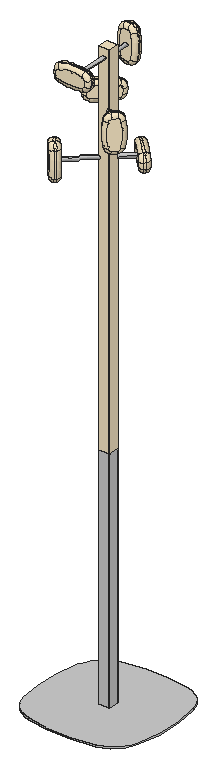
Revit family "Magnuson-Sherwood-CoatTrees+", category Furniture, Revit 2020
Family settings
  OmniClass Number = 23.40.20.00
  OmniClass Title = General Furniture and Specialties
  Work Plane-Based = No
  Always vertical = Yes
  Cut with Voids When Loaded = No
  Shared = No
  Room Calculation Point = No
Parameters (values of type "SW-B6")
  Width = 13 3/8"
  URL = "https://magnusongroup.com"
  Type Comments = "Coat Tree"  # constant formula
  Salvage or Reuse = yes
  Revit Model Built By = "https://servex-us.com/servex-revit/"
  Product Documentation Link = "https://magnusongroup.com/products/coattrees/sherwood.html"
  Post Wood Finish = MAG - wood
  Percentage of Recycled Content = 0
  Model = "SW-B6"
  Manufacturer = "Magnuson Group"  # constant formula
  Low Emitting Material = yes
  Low Emitting Finish = yes
  Keynote = "12500"
  Hook Finish = MAG - wood
  Height = 64 5/8"
  Description = "Coat tree with lower half of post and base in steel. Upper half of post in wood with 6 wood hooks. 64 5/8” x 13 3/8 x 13 3/8"
  Frame Finish = MAG - Steel Painted
  Depth = 13 3/8"
  Default Elevation = 0"
  Base Finish = MAG - Steel Painted
  Assembly Code = "E2020200"
Reference planes (in)
  plane 1 "Center (Front/Back)": y = 0.01377
  plane 2: z = 0
  plane 3 "Center (Left/Right)": x = 0
Forms (in)
  Extrusion 1, solid, material "MAG - Steel Painted" <- "Frame Finish"
    sketch origin (0, 0, 0) x (1, 0, 0) y (0, 1, 0)
      loop
        arc (-6.24942, 3.68324) -> (-6.69453, 0.04152) -> (-6.29416, -3.60539) r 15.91977
        arc (-6.29416, -3.60539) -> (-5.37582, -5.28112) -> (-3.71421, -6.22477) r 3.5
        arc (-3.71421, -6.22477) -> (-0.02758, -6.68077) -> (3.66437, -6.26998) r 15.91977
        arc (3.66437, -6.26998) -> (5.349, -5.33523) -> (6.28375, -3.6506) r 3.5
        arc (6.28375, -3.6506) -> (6.69453, 0.04134) -> (6.23854, 3.72797) r 15.91977
        arc (6.23854, 3.72797) -> (5.29489, 5.38959) -> (3.61916, 6.30792) r 3.5
        arc (3.61916, 6.30792) -> (-0.02775, 6.7083) -> (-3.66947, 6.26319) r 15.91977
        arc (-3.66947, 6.26319) -> (-5.32222, 5.33599) -> (-6.24942, 3.68324) r 3.5
    from 0 to 0.15748
  Extrusion 2, solid, material "MAG - Steel Painted" <- "Frame Finish"
    sketch origin (0, 0, 0) x (1, 0, 0) y (0, 1, 0)
      loop
        arc (-0.53394, 0.59849) -> (-0.57814, 0.58019) -> (-0.59644, 0.53599) r 0.0625
        line (-0.59644, 0.53599) -> (-0.59644, -0.50846)
        arc (-0.59644, -0.50846) -> (-0.57814, -0.55266) -> (-0.53394, -0.57096) r 0.0625
        line (-0.53394, -0.57096) -> (0.52216, -0.57096)
        arc (0.52216, -0.57096) -> (0.56635, -0.55266) -> (0.58466, -0.50846) r 0.0625
        line (0.58466, -0.50846) -> (0.58466, 0.53599)
        arc (0.58466, 0.53599) -> (0.56635, 0.58019) -> (0.52216, 0.59849) r 0.0625
        line (0.52216, 0.59849) -> (-0.53394, 0.59849)
    from 0.15748 to 24.96058
  Extrusion 3, solid, material "MAG - wood" <- "Post Wood Finish"
    sketch origin (0, 0, 0) x (1, 0, 0) y (0, 1, 0)
      loop
        line (-0.55707, 0.59849) -> (-0.59644, 0.55912) -> (-0.59644, -0.53159) -> (-0.55707, -0.57096) -> (0.54529, -0.57096) -> (0.58466, -0.53159) -> (0.58466, 0.55912) -> (0.54529, 0.59849) -> (-0.55707, 0.59849)
    from 24.96058 to 64.33058
Lines and regions (in)
  symbolic lines
    curve 1: arc (-6.24942, 3.68324, 0) -> (-6.69453, 0.04152, 0) -> (-6.29416, -3.60539, 0) r 15.91977
    curve 2: arc (-6.29416, -3.60539, 0) -> (-5.37582, -5.28112, 0) -> (-3.71421, -6.22477, 0) r 3.5
    curve 3: arc (-3.71421, -6.22477, 0) -> (-0.02758, -6.68077, 0) -> (3.66437, -6.26998, 0) r 15.91977
    curve 4: arc (3.66437, -6.26998, 0) -> (5.349, -5.33523, 0) -> (6.28375, -3.6506, 0) r 3.5
    curve 5: arc (6.28375, -3.6506, 0) -> (6.69453, 0.04134, 0) -> (6.23854, 3.72797, 0) r 15.91977
    curve 6: arc (6.23854, 3.72797, 0) -> (5.29489, 5.38959, 0) -> (3.61916, 6.30792, 0) r 3.5
    curve 7: arc (3.61916, 6.30792, 0) -> (-0.02775, 6.7083, 0) -> (-3.66947, 6.26319, 0) r 15.91977
    curve 8: arc (-3.66947, 6.26319, 0) -> (-5.32222, 5.33599, 0) -> (-6.24942, 3.68324, 0) r 3.5
    curve 9: line (-0.16126, -0.57181, 0) -> (-0.16126, -4.16556, 0)
    curve 10: line (0.16126, -0.57181, 0) -> (0.16126, -4.16556, 0)
    curve 11: line (1.58414, -4.16556, 0) -> (-1.58414, -4.16556, 0)
    curve 12: line (-1.58414, -5.14981, 0) -> (1.58414, -5.14981, 0)
    curve 13: spline (1.58414, -5.14981, 0) -> (1.68779, -5.13305, 0) -> (1.78437, -5.08388, 0) -> (1.86731, -5.00567, 0) -> (1.93095, -4.90375, 0) -> (1.97096, -4.78506, 0) -> (1.98461, -4.65769, 0) -> (1.97096, -4.53032, 0) -> (1.93095, -4.41163, 0) -> (1.86731, -4.3097, 0) -> (1.78437, -4.2315, 0) -> (1.68779, -4.18233, 0) -> (1.58414, -4.16556, 0)
    curve 14: spline (-1.58414, -5.14981, 0) -> (-1.68779, -5.13305, 0) -> (-1.78437, -5.08388, 0) -> (-1.86731, -5.00567, 0) -> (-1.93095, -4.90375, 0) -> (-1.97096, -4.78506, 0) -> (-1.98461, -4.65769, 0) -> (-1.97096, -4.53032, 0) -> (-1.93095, -4.41163, 0) -> (-1.86731, -4.3097, 0) -> (-1.78437, -4.2315, 0) -> (-1.68779, -4.18233, 0) -> (-1.58414, -4.16556, 0)
    curve 15: line (-2.43557, -3.39133, 0) -> (-3.40517, -2.42173, 0)
    curve 16: line (-4.10114, -3.1177, 0) -> (-3.13154, -4.0873, 0)
    curve 17: spline (-3.13154, -4.0873, 0) -> (-3.04458, -4.15055, 0) -> (-2.93982, -4.18578, 0) -> (-2.82442, -4.19058, 0) -> (-2.70623, -4.16462, 0) -> (-2.59332, -4.10969, 0) -> (-2.49336, -4.02951, 0) -> (-2.41319, -3.92956, 0) -> (-2.35825, -3.81664, 0) -> (-2.3323, -3.69845, 0) -> (-2.3371, -3.58305, 0) -> (-2.37232, -3.4783, 0) -> (-2.43557, -3.39133, 0)
    curve 18: spline (-4.10114, -3.1177, 0) -> (-4.16439, -3.03074, 0) -> (-4.19961, -2.92598, 0) -> (-4.20441, -2.81058, 0) -> (-4.17846, -2.6924, 0) -> (-4.12352, -2.57948, 0) -> (-4.04335, -2.47952, 0) -> (-3.94339, -2.39935, 0) -> (-3.83048, -2.34441, 0) -> (-3.71229, -2.31846, 0) -> (-3.59689, -2.32326, 0) -> (-3.49213, -2.35848, 0) -> (-3.40517, -2.42173, 0)
    curve 19: line (-0.59644, -0.35455, 0) -> (-3.0344, -2.7925, 0)
    curve 20: line (-0.3576, -0.57181, 0) -> (-2.80634, -3.02056, 0)
    curve 21: line (2.3882, -3.34396, 0) -> (3.3578, -2.37436, 0)
    curve 22: line (4.05377, -3.07033, 0) -> (3.08417, -4.03993, 0)
    curve 23: spline (3.08417, -4.03993, 0) -> (2.9972, -4.10318, 0) -> (2.89245, -4.1384, 0) -> (2.77705, -4.1432, 0) -> (2.65886, -4.11725, 0) -> (2.54594, -4.06231, 0) -> (2.44599, -3.98214, 0) -> (2.36581, -3.88218, 0) -> (2.31088, -3.76927, 0) -> (2.28492, -3.65108, 0) -> (2.28972, -3.53568, 0) -> (2.32495, -3.43092, 0) -> (2.3882, -3.34396, 0)
    curve 24: spline (4.05377, -3.07033, 0) -> (4.11702, -2.98337, 0) -> (4.15224, -2.87861, 0) -> (4.15704, -2.76321, 0) -> (4.13109, -2.64502, 0) -> (4.07615, -2.5321, 0) -> (3.99598, -2.43215, 0) -> (3.89602, -2.35197, 0) -> (3.7831, -2.29704, 0) -> (3.66492, -2.27108, 0) -> (3.54951, -2.27588, 0) -> (3.44476, -2.31111, 0) -> (3.3578, -2.37436, 0)
    curve 25: line (0.59644, -0.35455, 0) -> (2.98703, -2.74513, 0)
    curve 26: line (0.3576, -0.57181, 0) -> (2.75897, -2.97319, 0)
    curve 27: line (-0.67314, 2.88635, 0) -> (-2.8843, 0.67519, 0)
    curve 28: line (-3.58027, 1.37116, 0) -> (-1.36911, 3.58232, 0)
    curve 29: spline (-1.36911, 3.58232, 0) -> (-1.2794, 3.64831, 0) -> (-1.17209, 3.6861, 0) -> (-1.05449, 3.69309, 0) -> (-0.93462, 3.66882, 0) -> (-0.82064, 3.61495, 0) -> (-0.72033, 3.53513, 0) -> (-0.64051, 3.43482, 0) -> (-0.58664, 3.32084, 0) -> (-0.56237, 3.20097, 0) -> (-0.56936, 3.08337, 0) -> (-0.60715, 2.97606, 0) -> (-0.67314, 2.88635, 0)
    curve 30: spline (-3.58027, 1.37116, 0) -> (-3.64626, 1.28145, 0) -> (-3.68404, 1.17414, 0) -> (-3.69104, 1.05654, 0) -> (-3.66677, 0.93667, 0) -> (-3.6129, 0.82269, 0) -> (-3.53308, 0.72238, 0) -> (-3.43276, 0.64256, 0) -> (-3.31879, 0.58869, 0) -> (-3.19892, 0.56442, 0) -> (-3.08132, 0.57141, 0) -> (-2.97401, 0.6092, 0) -> (-2.8843, 0.67519, 0)
    curve 31: line (-0.59644, 0.37044, 0) -> (-1.89275, 1.66674, 0)
    curve 32: line (-1.66469, 1.8948, 0) -> (-0.36839, 0.59849, 0)
    curve 33: line (0.62902, 2.84223, 0) -> (2.84018, 0.63108, 0)
    curve 34: line (3.53615, 1.32705, 0) -> (1.32499, 3.5382, 0)
    curve 35: spline (1.32499, 3.5382, 0) -> (1.23528, 3.6042, 0) -> (1.12797, 3.64198, 0) -> (1.01038, 3.64897, 0) -> (0.8905, 3.62471, 0) -> (0.77653, 3.57083, 0) -> (0.67621, 3.49101, 0) -> (0.5964, 3.3907, 0) -> (0.54252, 3.27672, 0) -> (0.51825, 3.15685, 0) -> (0.52525, 3.03925, 0) -> (0.56303, 2.93194, 0) -> (0.62902, 2.84223, 0)
    curve 36: spline (3.53615, 1.32705, 0) -> (3.60214, 1.23734, 0) -> (3.63993, 1.13003, 0) -> (3.64692, 1.01243, 0) -> (3.62266, 0.89255, 0) -> (3.56878, 0.77858, 0) -> (3.48896, 0.67826, 0) -> (3.38865, 0.59845, 0) -> (3.27467, 0.54457, 0) -> (3.1548, 0.5203, 0) -> (3.0372, 0.5273, 0) -> (2.92989, 0.56508, 0) -> (2.84018, 0.63108, 0)
    curve 37: line (0.58466, 0.35865, 0) -> (1.89275, 1.66674, 0)
    curve 38: line (1.66469, 1.8948, 0) -> (0.36839, 0.59849, 0)
    curve 39: line (-0.68561, 3.39378, 0) -> (0.68561, 3.39378, 0)
    curve 40: line (0.68561, 2.40953, 0) -> (-0.68561, 2.40953, 0)
    curve 41: spline (-0.68561, 3.39378, 0) -> (-0.78987, 3.37701, 0) -> (-0.88702, 3.32784, 0) -> (-0.97045, 3.24964, 0) -> (-1.03446, 3.14771, 0) -> (-1.07471, 3.02902, 0) -> (-1.08843, 2.90165, 0) -> (-1.07471, 2.77428, 0) -> (-1.03446, 2.65559, 0) -> (-0.97045, 2.55367, 0) -> (-0.88702, 2.47546, 0) -> (-0.78987, 2.42629, 0) -> (-0.68561, 2.40953, 0)
    curve 42: spline (0.68561, 3.39378, 0) -> (0.78987, 3.37701, 0) -> (0.88702, 3.32784, 0) -> (0.97045, 3.24964, 0) -> (1.03446, 3.14771, 0) -> (1.07471, 3.02902, 0) -> (1.08843, 2.90165, 0) -> (1.07471, 2.77428, 0) -> (1.03446, 2.65559, 0) -> (0.97045, 2.55367, 0) -> (0.88702, 2.47546, 0) -> (0.78987, 2.42629, 0) -> (0.68561, 2.40953, 0)
    curve 43: line (-0.59644, 0.59849, 0) -> (0.58466, 0.59849, 0)
    curve 44: line (-0.59644, -0.57181, 0) -> (-0.59644, 0.59849, 0)
    curve 45: line (0.58466, -0.57181, 0) -> (-0.59644, -0.57181, 0)
    curve 46: line (0.58466, 0.59849, 0) -> (0.58466, -0.57181, 0)
Dimensions and locks (in)
  group 1 to group 2 = 11"
  group 1 to group 2 = 0"  (x2)
  aligned and locked: level to plane 2
  aligned and locked: nested 5 to nested 2  (x2)
  aligned and locked: nested 1 to nested 4
  aligned and locked: nested 4 to nested 1
  aligned and locked: nested 3 to nested 6
  aligned and locked: nested 3 to plane 3 "Center (Left/Right)"
  aligned and locked: plane 3 "Center (Left/Right)" to nested 6
  aligned and locked: curve 1 to Extrusion 1
  aligned and locked: curve 2 to Extrusion 1
  aligned and locked: curve 3 to Extrusion 1
  aligned and locked: curve 4 to Extrusion 1
  aligned and locked: curve 5 to Extrusion 1
  aligned and locked: curve 6 to Extrusion 1
  aligned and locked: curve 7 to Extrusion 1
  aligned and locked: curve 8 to Extrusion 1
  aligned and locked: Extrusion 2 to Extrusion 1
Nested families (in)
  nested 1: "She-H-T" at (1.72871, 1.74255, 53.50375) x (0.7071, -0.7071, 0) z (0.7071, 0.7071, 0), type "She-H-T"
    with Stick lenght 1 3/4"
  nested 2: "She-H-T" at (2.8671, -2.86505, 58.41638) x (0, 0, -1) z (0.7071, -0.7071, 0), type "She-H-T"
    with Stick lenght 3 11/32"
  nested 3: "She-H-T" at (0, -4.16556, 63.37433) x (-1, 0, 0) z (0, -1, 0), type "She-H-T"
    with Stick lenght 3 19/32"
  nested 4: "She-H-T" at (-2.92037, -2.90653, 53.50375) x (0, 0, 1) z (-0.7071, -0.7071, 0), type "She-H-T"
    with Stick lenght 3 13/32"
  nested 5: "She-H-T" at (-1.77872, 1.78077, 58.41638) x (-0.7071, -0.7071, 0) z (-0.7071, 0.7071, 0), type "She-H-T"
    with Stick lenght 1 13/16"
  nested 6: "She-H-T" at (0, 2.40953, 63.37433) x (0, 0, -1) z (0, 1, 0), type "She-H-T"
    with Stick lenght 1 13/16"
Definition of nested family "She-H-T"
  Parameters (values of type "She-H")
    Stick lenght [instance] = 3.15771"
    Revit Model Built By = "https://servex-us.com/servex-revit/"
    Hook Finish = none
    Hardware Finish = none
    Default Elevation = 48"
  Reference planes (in)
    plane 1 "Center (Front/Back)": y = 0
    plane 2: z = 0
    plane 3 "Center (Left/Right)": x = 0
  Forms (in)
    Extrusion 1, solid, material <- "Hardware Finish"
      sketch origin (0, 0, 0) x (1, 0, 0) y (0, 1, 0)
        loop
          circle (0, 0) r 0.16126
      from -3.15771 to 0
    Sweep 2, solid, material <- "Hook Finish"
      path origin (0, 0, 0) x (1, 0, 0) y (0, 1, 0)
        loop
          arc (-1.3679, 0.93165) -> (-1.75558, 0.71337) -> (-1.95139, 0.31387) r 0.75
          arc (-1.95139, 0.31387) -> (-1.97548, -0.00189) -> (-1.94992, -0.31753) r 2.02006
          arc (-1.94992, -0.31753) -> (-1.7534, -0.71489) -> (-1.36685, -0.93188) r 0.75
          arc (-1.36685, -0.93188) -> (0, -1.07696) -> (1.36685, -0.93188) r 6.51142
          arc (1.36685, -0.93188) -> (1.7534, -0.71489) -> (1.94992, -0.31753) r 0.75
          arc (1.94992, -0.31753) -> (1.97548, -0.00189) -> (1.95139, 0.31387) r 2.02006
          arc (1.95139, 0.31387) -> (1.75558, 0.71337) -> (1.3679, 0.93165) r 0.75
          arc (1.3679, 0.93165) -> (0, 1.07696) -> (-1.3679, 0.93165) r 6.51142
      profile origin (0, 1.07696, 0) x (0, 1, 0) y (0, 0, 1)
        loop
          line (-0.39422, 0.98425) -> (-0.39422, 0)
          arc (-0.39422, 0) -> (-0.1149, 0.1148) -> (0.00092, 0.3937) r 0.3937
          line (0.00092, 0.3937) -> (0.00092, 0.59055)
          arc (0.00092, 0.59055) -> (-0.1149, 0.86945) -> (-0.39422, 0.98425) r 0.3937
    Extrusion 3, solid, material <- "Hook Finish"
      sketch origin (0, 0, 0) x (1, 0, 0) y (0, 1, 0)
        loop
          arc (-1.28508, 0.54623) -> (-1.46898, 0.44268) -> (-1.56187, 0.25317) r 0.35578
          arc (-1.56187, 0.25317) -> (-1.58125, -0.00097) -> (-1.56068, -0.25501) r 1.62584
          arc (-1.56068, -0.25501) -> (-1.46746, -0.44351) -> (-1.28409, -0.54644) r 0.35578
          arc (-1.28409, -0.54644) -> (0, -0.68273) -> (1.28409, -0.54644) r 6.1172
          arc (1.28409, -0.54644) -> (1.46746, -0.44351) -> (1.56068, -0.25501) r 0.35578
          arc (1.56068, -0.25501) -> (1.58125, -0.00097) -> (1.56187, 0.25317) r 1.62584
          arc (1.56187, 0.25317) -> (1.46898, 0.44268) -> (1.28508, 0.54623) r 0.35578
          arc (1.28508, 0.54623) -> (0, 0.68273) -> (-1.28508, 0.54623) r 6.1172
      from 0 to 0.98425
  Cuts and joins
    joined: Sweep 2, Extrusion 3
  Dimensions and locks (in)
    "Stick lenght": plane 2 to Extrusion 1
    aligned and locked: plane 2 to level
    aligned and locked: Extrusion 1 to cut or joined group of Sweep 2, Extrusion 3
    aligned and locked: Extrusion 3 to plane 2
    aligned and locked: Extrusion 3 to Sweep 2
  Automatic sketch dimensions
    plane 1 "Center (Front/Back)" to Extrusion 1 sketch curve = 0"
    Extrusion 1 sketch curve to plane 3 "Center (Left/Right)" = 0"
    Sweep 2 sketch curve to plane 3 "Center (Left/Right)" = 0"  (x2)
    Sweep 2 sketch curve to plane 1 "Center (Front/Back)" = 0.00283"  (x2)
    Sweep 2 sketch curve to plane 3 "Center (Left/Right)" = 0.04458"
    plane 1 "Center (Front/Back)" to Sweep 2 sketch curve = 0.19859"  (x2)
    Sweep 2 sketch curve to Sweep 2 sketch curve = 1.16483"  (x2)
    Sweep 2 sketch curve to plane 1 "Center (Front/Back)" = 0.19839"  (x2)
    Sweep 2 sketch curve to Sweep 2 sketch curve = 0.00093"  (x2)
    plane 3 "Center (Left/Right)" to Sweep 2 sketch curve = 0.04458"
    Sweep 2 sketch curve to Sweep 2 sketch curve = 5.23588"
    Sweep 2 sketch curve to Sweep 2 sketch curve = 5.23608"
    Sweep 2 sketch curve to Sweep 2 sketch curve = 0.15744"
    Sweep 2 sketch curve to Sweep 2 sketch curve = 0"  (x7)
    Sweep 2 sketch curve to Sweep 2 sketch curve = 0.15756"
    Sweep 2 sketch curve to level = 0"
    profile plane to Sweep 2 sketch curve = 0.39422"
    profile plane to Sweep 2 sketch curve = 0.39279"
    Sweep 2 sketch curve to profile plane = 0.00092"
    Sweep 2 sketch curve to Sweep 2 sketch curve = 0.19685"
    Extrusion 3 sketch curve to plane 3 "Center (Left/Right)" = 0"  (x2)
    Extrusion 3 sketch curve to plane 1 "Center (Front/Back)" = 0.00283"  (x2)
    Extrusion 3 sketch curve to plane 3 "Center (Left/Right)" = 0.04458"
    plane 1 "Center (Front/Back)" to Extrusion 3 sketch curve = 0.19859"  (x2)
    Extrusion 3 sketch curve to Extrusion 3 sketch curve = 1.16483"  (x2)
    Extrusion 3 sketch curve to plane 1 "Center (Front/Back)" = 0.19839"  (x2)
    Extrusion 3 sketch curve to Extrusion 3 sketch curve = 0.00093"  (x2)
    plane 3 "Center (Left/Right)" to Extrusion 3 sketch curve = 0.04458"
    Extrusion 3 sketch curve to Extrusion 3 sketch curve = 5.23588"
    Extrusion 3 sketch curve to Extrusion 3 sketch curve = 5.23608"
    Extrusion 3 sketch curve to Extrusion 3 sketch curve = 0.07468"
    Extrusion 3 sketch curve to Extrusion 3 sketch curve = 0"  (x6)
    Extrusion 3 sketch curve to Extrusion 3 sketch curve = 0.07474"
    radius of Extrusion 1 sketch curve = 0.16126"
